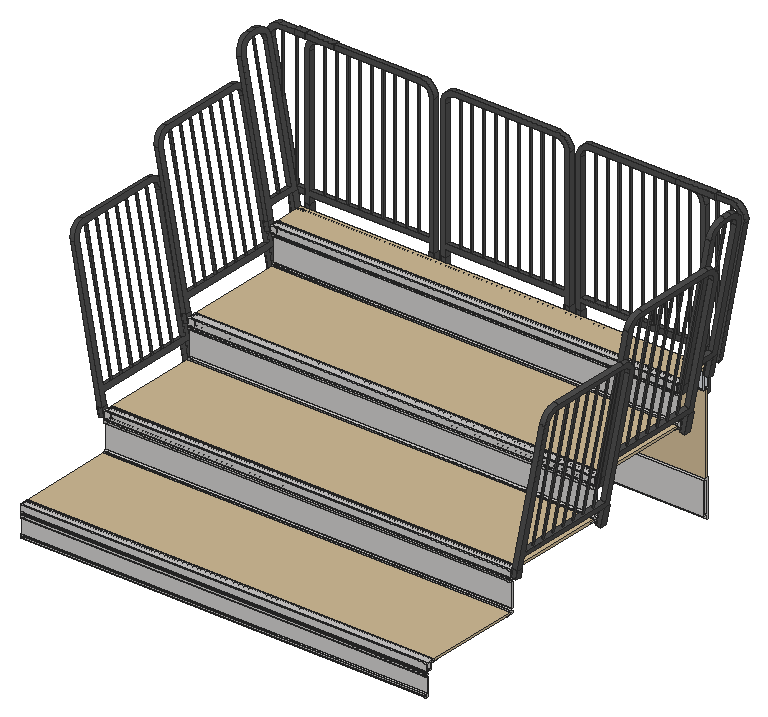
Revit family "Bleacher-Telescopic-Hussey-MAXAM_Plus-Portable-Simplified", category Specialty Equipment, Revit 2024 (continued)
Definition of nested family "Metro Chair-Single Row Array-Simplified"
  Definition of nested family "Metro Chair-Simplified"
    Automatic sketch dimensions
      curve 39 to plane 26 "2D Armrest - Back" = 0' - 0.43363"
      curve 6 to curve 39 = 0' - 0.00085"
      curve 2 to plane 26 "2D Armrest - Back" = 0' - 0.42975"
      curve 163 to plane 26 "2D Armrest - Back" = 0' - 0.42946"
      curve 21 to curve 5 = 0' - 0.00088"
      curve 4 to curve 2 = 0' - 0.01303"
      curve 5 to curve 4 = 0' - 0"
      curve 41 to curve 2 = 0' - 0.02986"
      curve 20 to curve 22 = 0' - 0.03735"
      curve 41 to curve 41 = 0' - 0.00937"
      curve 7 to curve 6 = 0' - 0.05712"
      curve 7 to curve 6 = 0' - 0.02126"
      curve 39 to plane 26 "2D Armrest - Back" = 0' - 0.33399"
      curve 9 to curve 7 = 0' - 0.02294"
      curve 19 to curve 20 = 0' - 0.0748"
      curve 10 to curve 8 = 0' - 0.02245"
      curve 11 to curve 9 = 0' - 0.01989"
      curve 11 to curve 10 = 0' - 0.01891"
      curve 12 to curve 11 = 0' - 0.01729"
      curve 13 to curve 12 = 0' - 0.01477"
      curve 15 to curve 13 = 0' - 0.01104"
      curve 19 to curve 19 = 0' - 0.09499"
      curve 90 to plane 26 "2D Armrest - Back" = 0' - 0.21411"
      curve 3 to plane 26 "2D Armrest - Back" = 0' - 0.13196"
      curve 4 to curve 3 = 0' - 0"
      curve 17 to plane 26 "2D Armrest - Back" = 0' - 0.07157"
      curve 16 to curve 17 = 0' - 0.00649"
      curve 15 to curve 16 = 0' - 0.00285"
      curve 37 to plane 26 "2D Armrest - Back" = 0' - 0.05487"
      curve 4 to plane 26 "2D Armrest - Back" = 0' - 0.02678"
      plane 26 "2D Armrest - Back" to curve 164 = 0' - 0.0265"
      plane 26 "2D Armrest - Back" to curve 36 = 0' - 0.13823"
      curve 34 to curve 35 = 0' - 0.22028"
      plane 26 "2D Armrest - Back" to curve 78 = 0' - 0.5385"
      curve 33 to curve 34 = 0' - 0.2399"
      curve 33 to curve 33 = 0' - 0.25134"
      plane 26 "2D Armrest - Back" to curve 156 = 0' - 0.855"
      plane 26 "2D Armrest - Back" to curve 39 = 0' - 0.93635"
      plane 26 "2D Armrest - Back" to curve 5 = 0' - 0.94809"
      curve 32 to curve 32 = 0' - 0.25424"
      curve 90 to curve 57 = 0' - 0.25258"
      curve 163 to curve 39 = 0' - 0.17798"
      curve 164 to curve 163 = 0' - 0"
      curve 91 to curve 90 = 0' - 0.01991"
      curve 55 to curve 157 = 0' - 0.00174"
      curve 42 to curve 163 = 0' - 0.02104"
      curve 55 to curve 55 = 0' - 0.11189"
      curve 31 to curve 31 = 0' - 0.24854"
      plane 7 "Host Level Offset Top" to curve 62 = 0' - 0.43561"
      plane 26 "2D Armrest - Back" to curve 62 = 0' - 1.3675"
      curve 53 to curve 54 = 0' - 0.26099"
      curve 29 to curve 30 = 0' - 0.23443"
      curve 52 to curve 54 = 0' - 0.16363"
      curve 53 to curve 54 = 0' - 0.29673"
      curve 29 to curve 29 = 0' - 0.21235"
      curve 80 to curve 52 = 0' - 0.33004"
      curve 80 to curve 80 = 0' - 0.00385"
      curve 28 to curve 28 = 0' - 0.30242"
      curve 80 to curve 80 = 0' - 0.20005"
      plane 26 "2D Armrest - Back" to curve 58 = 0' - 2.22497"
      curve 52 to curve 53 = 0' - 0.70545"
      curve 163 to curve 27 = 0' - 0.2719"
      curve 89 to curve 163 = 0' - 0"
      curve 81 to plane 7 "Host Level Offset Top" = 0' - 2.25832"
      curve 81 to curve 52 = 0' - 0.00648"
      curve 27 to curve 163 = 0' - 0.03033"
      curve 70 to curve 53 = 0' - 0.6365"
      curve 71 to curve 70 = 0' - 0"
      curve 69 to curve 80 = 0' - 0.25212"
      curve 70 to curve 69 = 0' - 0"
      curve 72 to curve 71 = 0' - 0.02189"
      curve 71 to curve 72 = 0' - 0"
      curve 68 to curve 69 = 0' - 0.0817"
      curve 69 to curve 68 = 0' - 0"
      curve 71 to curve 71 = 0' - 0.11708"
      curve 72 to curve 71 = 0' - 0 13/128"
      curve 63 to curve 69 = 0' - 0.1247"
      curve 25 to curve 26 = 0' - 0.30203"
      curve 72 to curve 71 = 0' - 0.15611"
      curve 67 to curve 63 = 0' - 0.07171"
      curve 69 to curve 68 = 0' - 0.23778"
      plane 26 "2D Armrest - Back" to curve 164 = 0' - 3.06065"
      plane 7 "Host Level Offset Top" to curve 78 = 0' - 0.79014"
      curve 78 to curve 63 = 0' - 0.82446"
      curve 68 to curve 72 = 0' - 1.22774"
      curve 58 to curve 58 = 0' - 1.7577"
      curve 58 to curve 58 = 0' - 0.07468"
      curve 59 to curve 58 = 0' - 0"
      curve 89 to curve 58 = 0' - 0"  (x2)
      curve 78 to curve 78 = 0' - 0.59893"
      curve 158 to curve 89 = 0' - 0.0615"
      curve 64 to curve 68 = 0' - 0.29448"
      curve 62 to curve 64 = 0' - 0.02752"
      curve 63 to curve 62 = 0' - 0"
      curve 66 to plane 7 "Host Level Offset Top" = 0' - 0.31451"
      curve 66 to curve 78 = 0' - 0.72907"
      curve 67 to curve 66 = 0' - 0"
      curve 137 to curve 164 = 0' - 1.17809"
      curve 66 to curve 67 = 0' - 0.06389"
      curve 48 to curve 25 = 0' - 1.63088"
      curve 158 to curve 48 = 0' - 0"
      curve 99 to plane 7 "Host Level Offset Top" = 0' - 0.32318"
      curve 99 to curve 67 = 0' - 0.1498"
      curve 48 to curve 158 = 0' - 0.02887"
      curve 166 to curve 48 = 0' - 0"
      curve 63 to curve 62 = 0' - 0.18742"
      curve 93 to curve 78 = 0' - 0.32885"
      curve 101 to plane 7 "Host Level Offset Top" = 0' - 0.39556"
      curve 61 to curve 63 = 0' - 0.06604"
      curve 64 to curve 61 = 0' - 0.01623"
      curve 65 to curve 64 = 0' - 0"
      curve 65 to curve 101 = 0' - 0.03202"
      curve 66 to curve 65 = 0' - 0"
      curve 88 to plane 7 "Host Level Offset Top" = 0' - 2.44628"
      curve 88 to curve 65 = 0' - 0.00823"
      curve 92 to curve 78 = 0' - 0.40904"
      curve 47 to curve 164 = 0' - 1.46411"
      curve 166 to curve 47 = 0' - 0"
      curve 61 to curve 64 = 0' - 0.14339"
      curve 82 to plane 7 "Host Level Offset Top" = 0' - 1.29242"
      curve 87 to plane 7 "Host Level Offset Top" = 0' - 1.4534"
      curve 93 to curve 92 = 0' - 0.16256"
      curve 83 to curve 82 = 0' - 0.05884"
      curve 112 to curve 92 = 0' - 0.13429"
      curve 60 to plane 7 "Host Level Offset Top" = 0' - 2.58206"
      curve 60 to curve 61 = 0' - 0.10332"
      curve 93 to curve 92 = 0' - 0.23493"
      plane 7 "Host Level Offset Top" to curve 100 = 0' - 0.62961"
      curve 100 to curve 94 = 0' - 0.09521"
      curve 98 to curve 100 = 0' - 0.03629"
      curve 86 to curve 87 = 0' - 0.15883"
      curve 83 to curve 86 = 0' - 0.01488"
      plane 7 "Host Level Offset Top" to curve 101 = 0' - 0 155/256"
      curve 101 to curve 100 = 0' - 0.07495"
      curve 98 to curve 98 = 0' - 0.07485"
      curve 98 to curve 98 = 0' - 0.02413"
      curve 83 to curve 82 = 0' - 0.156"
      curve 86 to curve 86 = 0' - 0.19966"
      curve 143 to curve 158 = 0' - 0.82017"
      curve 161 to curve 143 = 0' - 0.03769"
      curve 49 to curve 161 = 0' - 0.14321"
      curve 95 to curve 94 = 0' - 0.5613"
      plane 7 "Host Level Offset Top" to curve 96 = 0' - 0.67221"
      curve 96 to curve 98 = 0' - 0.37473"
      curve 95 to curve 94 = 0' - 0.07241"
      curve 137 to curve 49 = 0' - 0.13468"
      curve 43 to curve 161 = 0' - 0.38511"
      curve 49 to curve 43 = 0' - 0"
      curve 86 to curve 86 = 0' - 0.46645"
      curve 85 to curve 86 = 0' - 0"
      curve 84 to curve 61 = 0' - 0 97/128"
      plane 7 "Host Level Offset Top" to curve 97 = 0' - 0.59992"
      curve 97 to curve 96 = 0' - 0.22453"
      curve 59 to curve 84 = 0' - 0.01633"
      curve 95 to curve 95 = 0' - 0.22491"
      curve 84 to curve 84 = 0' - 0.041"
      curve 85 to curve 84 = 0' - 0 1/16"
      curve 84 to curve 85 = 0' - 0"
      curve 47 to curve 137 = 0' - 1.26275"
      curve 50 to curve 47 = 0' - 0"
      curve 67 to curve 137 = 0' - 0.30721"
      curve 25 to curve 48 = 0' - 1.30621"
      curve 50 to curve 50 = 0' - 0.21068"
      curve 46 to curve 50 = 0' - 0.09855"
      plane 7 "Host Level Offset Top" to curve 96 = 0' - 2.90605"
      curve 51 to curve 50 = 0' - 0.34523"
      curve 165 to curve 24 = 0' - 0.39092"
      curve 75 to curve 165 = 0' - 0"
      curve 44 to curve 47 = 0' - 1.54354"
      curve 165 to curve 44 = 0' - 0"
      level to curve 77 = 0' - 5.00581"
      curve 75 to curve 24 = 0' - 0.5061"
      curve 43 to curve 75 = 0' - 0"
      curve 46 to curve 51 = 0' - 0.14782"
      curve 45 to curve 51 = 0' - 0.293"
      curve 44 to curve 45 = 0' - 0"
      curve 102 to plane 27 "2D Armrest - Front" = 0' - 3.86174"
      curve 51 to curve 44 = 0' - 0.05491"
      curve 45 to curve 51 = 0' - 0"
      curve 24 to curve 75 = 0' - 1.13647"
      curve 136 to curve 42 = 0' - 0.86248"
      curve 73 to curve 136 = 0' - 0.00009"
      curve 24 to plane 27 "2D Armrest - Front" = 0' - 2.10928"
      curve 45 to curve 136 = 0' - 0.92052"
      curve 76 to curve 45 = 0' - 0.02594"
      curve 3 to curve 76 = 0' - 0"
      curve 74 to curve 45 = 0' - 0.11091"
      curve 76 to curve 74 = 0' - 0.0199"
      curve 74 to curve 74 = 0' - 0.11847"
      curve 130 to curve 74 = 0' - 0.00426"
      curve 130 to curve 23 = 0' - 0.19054"
      curve 131 to curve 3 = 0' - 0.41781"
      curve 40 to curve 76 = 0' - 0.40558"
      curve 40 to curve 40 = 0' - 0.00938"
      curve 74 to curve 74 = 0' - 0.48174"
      curve 136 to curve 74 = 0' - 0"
      curve 76 to curve 40 = 0' - 0.06507"
      curve 73 to curve 2 = 0' - 0.0231"
      curve 160 to plane 27 "2D Armrest - Front" = 0' - 0.6397"
      curve 136 to curve 131 = 0' - 0.00496"
      curve 134 to curve 73 = 0' - 0.22758"
      curve 130 to plane 27 "2D Armrest - Front" = 0' - 0.33111"
      curve 161 to plane 27 "2D Armrest - Front" = 0' - 0.09808"
      curve 135 to plane 27 "2D Armrest - Front" = 0' - 0.08963"
      plane 27 "2D Armrest - Front" to curve 131 = 0' - 0.00515"
      plane 27 "2D Armrest - Front" to curve 162 = 0' - 0.05514"
      plane 27 "2D Armrest - Front" to curve 129 = 0' - 0.15185"
      plane 27 "2D Armrest - Front" to curve 160 = 0' - 0.20836"
      curve 162 to curve 160 = 0' - 0"
      plane 27 "2D Armrest - Front" to curve 129 = 0' - 0 9/32"
      plane 27 "2D Armrest - Front" to curve 143 = 0' - 0.30279"
      curve 142 to curve 143 = 0' - 0"
      plane 27 "2D Armrest - Front" to curve 133 = 0' - 0.66488"
      curve 47 to curve 129 = 0' - 0.58883"
      curve 132 to curve 47 = 0' - 0.29753"
      curve 44 to curve 132 = 0' - 0.09752"
      plane 27 "2D Armrest - Front" to curve 159 = 0' - 1.59528"
      curve 146 to curve 159 = 0' - 0.04945"
      curve 159 to curve 159 = 0' - 0.09355"
      curve 160 to curve 159 = 0' - 0"
      curve 127 to curve 44 = 0' - 1.78449"
      curve 133 to curve 127 = 0' - 0.03"
      curve 127 to curve 127 = 0' - 0.12941"
      curve 141 to curve 160 = 0' - 1.74489"
      curve 142 to curve 141 = 0' - 0"
      curve 126 to curve 127 = 0' - 0.48297"
      curve 146 to curve 141 = 0' - 1.44211"
      curve 138 to curve 146 = 0' - 0"
      curve 141 to plane 7 "Host Level Offset Top" = 0' - 2.95234"
      curve 141 to curve 146 = 0' - 0.78875"
      curve 138 to curve 138 = 0' - 1.55688"
      curve 139 to curve 138 = 0' - 0"
      curve 145 to curve 138 = 0' - 0.14966"
      curve 139 to curve 138 = 0' - 0.15823"
      curve 145 to curve 139 = 0' - 0"
      curve 139 to curve 139 = 0' - 0.06343"
      curve 144 to curve 145 = 0' - 0.12496"
      curve 141 to curve 144 = 0' - 0.04062"
      curve 144 to curve 141 = 0' - 0"
      curve 138 to curve 141 = 0' - 1.20309"
      curve 144 to curve 144 = 0' - 0 1/4"
      curve 140 to curve 145 = 0' - 0 3/8"
      plane 27 "2D Armrest - Front" to curve 42 = 0' - 7.46407"
      curve 166 to curve 141 = 0' - 2.59762"
      plane 27 "2D Armrest - Front" to curve 148 = 1' - 1.67673"
      curve 146 to plane 6 "Host Level Offset Bottom" = 0' - 2.52375"
      curve 146 to curve 42 = 0' - 7.86841"
      curve 165 to curve 166 = 0' - 10.58764"
      curve 75 to curve 165 = 0' - 4.48505"
      plane 27 "2D Armrest - Front" to curve 142 = 2' - 1.49874"
      plane 27 "2D Armrest - Front" to curve 22 = 2' - 8.12853"
      curve 2 to curve 22 = 0' - 0.00037"
      curve 3 to curve 2 = 0' - 0.01779"
      curve 48 to plane 7 "Host Level Offset Top" = 0' - 11.28697"
      curve 48 to curve 75 = 2' - 11.60752"
      plane 5 "Front" to curve 120 = 0' - 0 1/16"
      curve 148 to plane 14 "Attachment to Riser" = 0' - 0.24601"
      curve 149 to curve 148 = 0' - 0"
      curve 119 to plane 14 "Attachment to Riser" = 0' - 0 1/16"
      curve 122 to plane 14 "Attachment to Riser" = 0' - 0 1/16"
      plane 14 "Attachment to Riser" to curve 143 = 0' - 0.30921"
      plane 14 "Attachment to Riser" to curve 154 = 0' - 1.3076"
      curve 155 to curve 154 = 0' - 0"
      plane 14 "Attachment to Riser" to curve 149 = 0' - 1.36844"
      curve 150 to curve 149 = 0' - 0"
      plane 14 "Attachment to Riser" to curve 85 = 0' - 1.60613"
      curve 149 to curve 151 = 0' - 0.79141"
      curve 150 to curve 151 = 0' - 0.11422"
      curve 150 to curve 151 = 0' - 0.25229"
      curve 151 to curve 152 = 0' - 0"  (x2)
      curve 151 to curve 153 = 0' - 0.18272"
      curve 152 to curve 152 = 0' - 0.1839"
      curve 153 to curve 153 = 0' - 0.28476"
      curve 154 to curve 150 = 0' - 0.40406"
      plane 14 "Attachment to Riser" to curve 49 = 0' - 3.57393"
      curve 150 to curve 149 = 0' - 3.59015"
      curve 49 to curve 43 = 0' - 3.44678"
      curve 149 to curve 154 = 0' - 0.97606"
      curve 43 to curve 90 = 0' - 1.0578"
      curve 89 to plane 7 "Host Level Offset Top" = 0' - 2.16194"
      curve 90 to curve 89 = 0' - 0.32978"
      curve 43 to curve 147 = 0' - 1.5269"
      curve 158 to plane 7 "Host Level Offset Top" = 1' - 0.63033"
      curve 147 to curve 158 = 1' - 7.96726"
      plane 6 "Host Level Offset Bottom" to curve 155 = 0' - 3.27369"
      curve 158 to curve 155 = 3' - 7.00623"
      curve 57 to plane 6 "Host Level Offset Bottom" = 1' - 1.14626"
      curve 155 to curve 57 = 4' - 1.77768"
      curve 2 to curve 22 = 0' - 0.0022"
      curve 3 to curve 2 = 0' - 0.10215"
      curve 42 to plane 6 "Host Level Offset Bottom" = 0' - 11.46716"
      curve 105 to curve 105 = 0' - 0.4867"
      curve 105 to curve 107 = 0' - 0.26152"
      curve 107 to curve 116 = 0' - 0.56797"
      curve 115 to curve 121 = 0' - 0 1/16"
      curve 119 to curve 118 = 0' - 0 15/16"
      curve 108 to curve 111 = 0' - 1 5/8"
      curve 109 to curve 124 = 0' - 0 5/8"
      curve 111 to curve 111 = 0' - 0 1/4"
      curve 123 to curve 123 = 0' - 0 15/16"
      curve 121 to curve 115 = 0' - 0 1/16"
      curve 92 to curve 93 = 0' - 0.76296"
      curve 92 to curve 93 = 0' - 0.02469"
      curve 95 to curve 95 = 0' - 0.07242"
      curve 83 to curve 83 = 0' - 0.06624"
      curve 87 to curve 87 = 0' - 0.07406"
      curve 79 to curve 70 = 0' - 0.1136"
      curve 80 to curve 80 = 0' - 0.13095"
      curve 52 to curve 52 = 0' - 0.32896"
      curve 53 to curve 53 = 0' - 0.17986"
      curve 53 to curve 54 = 0' - 0.97126"
      curve 56 to curve 157 = 0' - 0.08073"
      curve 90 to curve 57 = 0' - 0.05599"
      curve 49 to curve 161 = 0' - 0.00445"
      curve 89 to curve 90 = 0' - 4.05224"
      curve 147 to curve 43 = 0' - 1.70385"
      curve 33 to curve 90 = 0' - 0.61468"
      curve 32 to curve 32 = 0' - 0.00764"
      curve 32 to curve 34 = 0' - 0 5/128"
      curve 31 to curve 30 = 0' - 0.05408"
      curve 33 to curve 35 = 0' - 0.08453"
      curve 30 to curve 29 = 0' - 0.0987"
      curve 34 to curve 36 = 0' - 0.12718"
      curve 29 to curve 28 = 0' - 0.14002"
      curve 37 to curve 90 = 0' - 0.19834"
      curve 28 to curve 163 = 0' - 0.181"
      curve 163 to curve 26 = 0' - 0.06167"
      curve 37 to curve 39 = 0' - 0.22434"
      curve 39 to curve 164 = 0' - 0.43076"
      curve 39 to curve 6 = 0' - 0.00784"
      curve 6 to curve 6 = 0' - 0.32494"
      curve 6 to curve 7 = 0' - 0.09717"
      curve 7 to curve 8 = 0' - 0.1049"
      curve 8 to curve 10 = 0' - 0.105"
      curve 9 to curve 10 = 0' - 0.09644"
      curve 10 to curve 12 = 0' - 0.09664"
      curve 11 to curve 13 = 0' - 0.09694"
      curve 12 to curve 13 = 0' - 0.09736"
      curve 13 to curve 14 = 0' - 0.09785"
      curve 147 to curve 16 = 0' - 0.1063"
      curve 15 to curve 17 = 0' - 0.06187"
      curve 14 to curve 19 = 0' - 0.10984"
      curve 141 to curve 166 = 0' - 4.29751"
      curve 19 to curve 18 = 0' - 0.01892"
      curve 16 to curve 18 = 0' - 0.06159"
      curve 20 to curve 2 = 0' - 0.19131"
      curve 21 to curve 5 = 0' - 0.04047"
      curve 130 to curve 76 = 0' - 1.68887"
      curve 130 to curve 47 = 0' - 0.17122"
      curve 47 to curve 128 = 0' - 0.11811"
      curve 128 to curve 135 = 0' - 0.35355"
      curve 135 to curve 135 = 0' - 0.0647"
      curve 74 to curve 130 = 0' - 0.00097"
      curve 47 to curve 128 = 0' - 0.89457"
      curve 47 to curve 132 = 0' - 1.07138"
      curve 132 to curve 44 = 0' - 0.06826"
      curve 127 to curve 127 = 0' - 0.48297"
      curve 73 to curve 136 = 0' - 0.00048"
      curve 73 to curve 134 = 0' - 0.07164"
      curve 153 to curve 153 = 0' - 0.13457"
      curve 153 to curve 151 = 0' - 0.08911"
    Nested families (in)
      nested 1: "Metro Chair-2D Plan" at (-109.5, -12, 17), type "Metro Chair-2D Plan"
    Definition of nested family "Metro Chair-2D Plan"
      Parameters
        Default Elevation = 0' - 0"
        Created By = "Revitus"  # constant formula
        Creator URL = "http://www.revituspro.com/"
      Reference planes (in)
        plane 1 "Center (Front/Back)": y = 0
        plane 2: z = 0
        plane 3 "Center (Left/Right)": x = 0
      Lines and regions (in)
        Masking region 1
          outline origin (109.57707, 11.99477, 0) x (1, 0, 0) y (0, 1, 0)
            loop
              arc (-114.44926, -8.83618) -> (-115.08126, -8.94929) -> (-115.70753, -9.0907) r 14.27785
              arc (-115.70753, -9.0907) -> (-116.20556, -9.23429) -> (-116.68883, -9.42164) r 5.81636
              arc (-116.68883, -9.42164) -> (-117.011, -9.59758) -> (-117.29313, -9.83243) r 1.89191
              arc (-117.29313, -9.83243) -> (-117.46059, -10.07738) -> (-117.54238, -10.36259) r 0.93009
              arc (-117.54238, -10.36259) -> (-117.55749, -10.5444) -> (-117.57095, -10.72635) r 20.12699
              arc (-117.57095, -10.72635) -> (-117.64499, -12.08845) -> (-117.89752, -13.42899) r 10.34978
              arc (-117.89752, -13.42899) -> (-117.97658, -13.7437) -> (-118.05726, -14.05799) r 63.50731
              line (-118.05726, -14.05799) -> (-118.08112, -14.15075)
              arc (-118.08112, -14.15075) -> (-118.14175, -14.38729) -> (-118.20133, -14.6241) r 54.94124
              arc (-118.20133, -14.6241) -> (-118.26569, -14.90445) -> (-118.31945, -15.18701) r 7.64437
              arc (-118.31945, -15.18701) -> (-118.40719, -15.84832) -> (-118.46583, -16.51284) r 15.2029
              line (-118.46583, -16.51284) -> (-118.4805, -16.69575) -> (-118.50241, -16.95935) -> (-118.53395, -17.335)
              arc (-118.53395, -17.335) -> (-118.457, -17.48387) -> (-118.30054, -17.54391) r 0.23557
              line (-118.30054, -17.54391) -> (-117.18551, -17.53971)
              arc (-117.18551, -17.53971) -> (-117.00993, -17.46042) -> (-116.94956, -17.27747) r 0.23949
              arc (-116.94956, -17.27747) -> (-116.95084, -17.04557) -> (-116.94811, -16.81367) r 13.38597
              arc (-116.94811, -16.81367) -> (-116.90069, -16.27266) -> (-116.81229, -15.73681) r 7.14097
              arc (-116.81229, -15.73681) -> (-116.66021, -15.11684) -> (-116.44157, -14.51709) r 5.85858
              arc (-116.44157, -14.51709) -> (-116.36868, -14.35986) -> (-116.28861, -14.20616) r 3.75283
              arc (-116.28861, -14.20616) -> (-116.00556, -14.05744) -> (-115.70156, -13.95837) r 1.89664
              arc (-115.70156, -13.95837) -> (-115.42559, -13.88799) -> (-115.1478, -13.82518) r 10.42316
              arc (-115.1478, -13.82518) -> (-114.81268, -13.75676) -> (-114.47641, -13.69417) r 19.68683
              arc (-114.47641, -13.69417) -> (-114.06818, -13.62437) -> (-113.65908, -13.55986) r 31.98673
              arc (-113.65908, -13.55986) -> (-113.11985, -13.48242) -> (-112.57949, -13.4133) r 35.32242
              arc (-112.57949, -13.4133) -> (-111.80159, -13.32905) -> (-111.02176, -13.26518) r 29.90804
              arc (-111.02176, -13.26518) -> (-110.29984, -13.2277) -> (-109.57707, -13.21444) r 21.56131
              arc (-109.57707, -13.21444) -> (-108.8543, -13.2277) -> (-108.13238, -13.26518) r 21.56131
              arc (-108.13238, -13.26518) -> (-107.35254, -13.32905) -> (-106.57464, -13.4133) r 29.90804
              arc (-106.57464, -13.4133) -> (-106.03429, -13.48242) -> (-105.49506, -13.55986) r 35.32242
              arc (-105.49506, -13.55986) -> (-105.08596, -13.62437) -> (-104.67772, -13.69417) r 31.98673
              arc (-104.67772, -13.69417) -> (-104.34146, -13.75676) -> (-104.00633, -13.82518) r 19.68683
              arc (-104.00633, -13.82518) -> (-103.72854, -13.88799) -> (-103.45258, -13.95837) r 10.42316
              arc (-103.45258, -13.95837) -> (-103.14857, -14.05744) -> (-102.86553, -14.20616) r 1.89664
              arc (-102.86553, -14.20616) -> (-102.78546, -14.35986) -> (-102.71256, -14.51709) r 3.75283
              arc (-102.71256, -14.51709) -> (-102.49393, -15.11684) -> (-102.34184, -15.73681) r 5.85858
              arc (-102.34184, -15.73681) -> (-102.25344, -16.27266) -> (-102.20603, -16.81367) r 7.14097
              arc (-102.20603, -16.81367) -> (-102.20329, -17.04557) -> (-102.20457, -17.27747) r 13.38597
              arc (-102.20457, -17.27747) -> (-102.1442, -17.46042) -> (-101.96863, -17.53971) r 0.23949
              line (-101.96863, -17.53971) -> (-100.8536, -17.54391)
              arc (-100.8536, -17.54391) -> (-100.69714, -17.48387) -> (-100.62018, -17.335) r 0.23557
              line (-100.62018, -17.335) -> (-100.65173, -16.95935) -> (-100.67363, -16.69575) -> (-100.6883, -16.51284)
              arc (-100.6883, -16.51284) -> (-100.74694, -15.84832) -> (-100.83468, -15.18701) r 15.2029
              arc (-100.83468, -15.18701) -> (-100.88845, -14.90445) -> (-100.95281, -14.6241) r 7.64437
              arc (-100.95281, -14.6241) -> (-101.01238, -14.38729) -> (-101.07301, -14.15075) r 54.94124
              line (-101.07301, -14.15075) -> (-101.09687, -14.05799)
              arc (-101.09687, -14.05799) -> (-101.17755, -13.7437) -> (-101.25662, -13.42899) r 63.50731
              arc (-101.25662, -13.42899) -> (-101.50915, -12.08845) -> (-101.58318, -10.72635) r 10.34978
              arc (-101.58318, -10.72635) -> (-101.59664, -10.5444) -> (-101.61175, -10.36259) r 20.12699
              arc (-101.61175, -10.36259) -> (-101.69355, -10.07738) -> (-101.861, -9.83243) r 0.93009
              arc (-101.861, -9.83243) -> (-102.14313, -9.59758) -> (-102.4653, -9.42164) r 1.89191
              arc (-102.4653, -9.42164) -> (-102.94857, -9.23429) -> (-103.4466, -9.0907) r 5.81636
              arc (-103.4466, -9.0907) -> (-104.07288, -8.94929) -> (-104.70487, -8.83618) r 14.27785
              arc (-104.70487, -8.83618) -> (-105.42099, -8.73397) -> (-106.13987, -8.65342) r 23.97251
              arc (-106.13987, -8.65342) -> (-106.95432, -8.58448) -> (-107.77027, -8.53637) r 31.99767
              arc (-107.77027, -8.53637) -> (-108.67343, -8.50495) -> (-109.57707, -8.49477) r 38.43776
              arc (-109.57707, -8.49477) -> (-110.48071, -8.50495) -> (-111.38386, -8.53637) r 38.43776
              arc (-111.38386, -8.53637) -> (-112.19981, -8.58448) -> (-113.01427, -8.65342) r 31.99767
              arc (-113.01427, -8.65342) -> (-113.73314, -8.73397) -> (-114.44926, -8.83618) r 23.97251
            loop
              arc (-109.57707, -14.03505) -> (-112.00982, -14.13419) -> (-114.43848, -14.30649) r 80.89249
              arc (-114.43848, -14.30649) -> (-114.78323, -14.35257) -> (-115.12523, -14.4159) r 6.92664
              arc (-115.12523, -14.4159) -> (-115.74074, -14.72617) -> (-116.14273, -15.2861) r 1.4462
              arc (-116.14273, -15.2861) -> (-116.21214, -15.58271) -> (-116.25854, -15.88377) r 3.9602
              arc (-116.25854, -15.88377) -> (-116.31031, -16.70559) -> (-116.32416, -17.52892) r 17.86323
              arc (-116.32416, -17.52892) -> (-116.33953, -17.85271) -> (-116.36909, -18.17552) r 7.39074
              arc (-116.36909, -18.17552) -> (-116.49609, -18.69425) -> (-116.71446, -19.18161) r 2.9527
              arc (-116.71446, -19.18161) -> (-117.10122, -19.91263) -> (-117.25753, -20.72475) r 2.79982
              arc (-117.25753, -20.72475) -> (-117.22822, -21.15131) -> (-117.20422, -21.5782) r 34.37689
              arc (-117.20422, -21.5782) -> (-117.11629, -21.80862) -> (-116.95159, -21.99218) r 0.67622
              arc (-116.95159, -21.99218) -> (-116.37688, -22.30061) -> (-115.75605, -22.5006) r 3.60984
              arc (-115.75605, -22.5006) -> (-112.68598, -23.01834) -> (-109.57707, -23.18583) r 27.50676
              arc (-109.57707, -23.18583) -> (-106.46816, -23.01834) -> (-103.39809, -22.5006) r 27.50676
              arc (-103.39809, -22.5006) -> (-102.77726, -22.30061) -> (-102.20255, -21.99218) r 3.60984
              arc (-102.20255, -21.99218) -> (-102.03784, -21.80862) -> (-101.94991, -21.5782) r 0.67622
              arc (-101.94991, -21.5782) -> (-101.92591, -21.15131) -> (-101.8966, -20.72475) r 34.37689
              arc (-101.8966, -20.72475) -> (-102.05292, -19.91263) -> (-102.43967, -19.18161) r 2.79982
              arc (-102.43967, -19.18161) -> (-102.65804, -18.69425) -> (-102.78505, -18.17552) r 2.9527
              arc (-102.78505, -18.17552) -> (-102.8146, -17.85271) -> (-102.82998, -17.52892) r 7.39074
              arc (-102.82998, -17.52892) -> (-102.84382, -16.70559) -> (-102.89559, -15.88377) r 17.86323
              arc (-102.89559, -15.88377) -> (-102.942, -15.58271) -> (-103.0114, -15.2861) r 3.9602
              arc (-103.0114, -15.2861) -> (-103.41339, -14.72617) -> (-104.0289, -14.4159) r 1.4462
              arc (-104.0289, -14.4159) -> (-104.37091, -14.35257) -> (-104.71566, -14.30649) r 6.92664
              arc (-104.71566, -14.30649) -> (-107.14432, -14.13419) -> (-109.57707, -14.03505) r 80.89249
      Dimensions and locks (in)
        aligned and locked: level to plane 2
  Definition of nested family "Metro Chair-Folded-Simplified"
    Parameters
      URL = "http://www.husseyseating.com/"
      Stanchion Color = none
      Show Metro Chair = yes
      Show Cup Holders = yes
      Show Arms = yes
      Seat Width = 1' - 9"
      Seat Color = none
      Seat Back Color = none
      No Arms = not(Show Arms)  # no
      Model = "Metro Chair"
      Manufacturer = "Hussey Seating Company"  # constant formula
      Default Elevation = 0' - 0"
      Created By = "Revitus"  # constant formula
      Creator URL = "http://www.revituspro.com/"
      Assembly Code = ""
    Reference planes (in)
      plane 1: z = 0
      plane 2 "Center (Left/Right)": x = -109.5
      plane 3 "Left": x = -120
      plane 4 "Right": x = -99
      plane 5 "Front": y = -12
      plane 6 "Host Level Offset Bottom": z = -8
      plane 7 "Host Level Offset Top": z = 8
      plane 8: x = -100.1875
      plane 9: x = -97.8125
      plane 10: x = -118.8125
      plane 11: x = -121.1875
      plane 12 "Seat - Right": x = -101
      plane 13 "Seat - Left": x = -118
      plane 14: x = -98.0625
      plane 15: x = -99.9375
      plane 16: x = -120.9375
      plane 17: x = -119.0625
      plane 18: x = -99.5
      plane 19: x = -98.5
      plane 20: x = -119.5
      plane 21: x = -120.5
      plane 22: x = -102.5
      plane 23: x = -116.5
      plane 24 "Attachment to Riser": y = -10.625
      plane 25: y = -13.36174
      plane 26: y = -23.61174
    Lines and regions (in)
      Masking region 1, visible <- "Show Arms"
        outline origin (0, 0, 8) x (0, -1, 0) y (1, 0, 0)
          loop
            arc (23.61174, -119.8125) -> (23.31885, -119.10539) -> (22.61174, -118.8125) r 1
            line (22.61174, -118.8125) -> (14.36174, -118.8125)
            arc (14.36174, -118.8125) -> (13.65463, -119.10539) -> (13.36174, -119.8125) r 1
            line (13.36174, -119.8125) -> (13.36174, -120.1875)
            arc (13.36174, -120.1875) -> (13.65463, -120.89461) -> (14.36174, -121.1875) r 1
            line (14.36174, -121.1875) -> (22.61174, -121.1875)
            arc (22.61174, -121.1875) -> (23.31885, -120.89461) -> (23.61174, -120.1875) r 1
            line (23.61174, -120.1875) -> (23.61174, -119.8125)
      Masking region 2, visible <- "Show Arms"
        outline origin (0, 0, 8) x (0, -1, 0) y (1, 0, 0)
          loop
            line (13.36174, -98.8125) -> (13.36174, -99.1875)
            arc (13.36174, -99.1875) -> (13.65463, -99.89461) -> (14.36174, -100.1875) r 1
            line (14.36174, -100.1875) -> (22.61174, -100.1875)
            arc (22.61174, -100.1875) -> (23.31885, -99.89461) -> (23.61174, -99.1875) r 1
            line (23.61174, -99.1875) -> (23.61174, -98.8125)
            arc (23.61174, -98.8125) -> (23.31885, -98.10539) -> (22.61174, -97.8125) r 1
            line (22.61174, -97.8125) -> (14.36174, -97.8125)
            arc (14.36174, -97.8125) -> (13.65463, -98.10539) -> (13.36174, -98.8125) r 1
      model lines, visible <- "Show Metro Chair"
        curve 1: line (-120, -6.06648, 0) -> (-99, -6.06648, 0)
      model lines
        curve 2: line (-109.5, -19.75, 4.93608) -> (-109.5, -19.75, 0.00008)
        curve 3: line (-109.5, -19.75, 0.00008) -> (-109.5, -12.90623, 0.00008)
        curve 4: arc (-109.5, -12.90623, 0.00008) -> (-109.5, -12.85068, 0.02309) -> (-109.5, -12.82767, 0.07865) r 0.07856
        curve 5: line (-109.5, -12.82767, 0.07865) -> (-109.5, -12.82767, 0.56535)
        curve 6: line (-109.5, -12.82767, 0.56535) -> (-109.5, -12.31448, 0.82687)
        curve 7: arc (-109.5, -12.31448, 0.82687) -> (-109.5, -12.2674, 0.8704) -> (-109.5, -12.25, 0.93211) r 0.11811
        curve 8: line (-109.5, -12.25, 0.93211) -> (-109.5, -12.25, 3.87508)
        curve 9: line (-109.5, -12.25, 3.87508) -> (-109.5, -12, 3.87508)
        curve 10: line (-109.5, -12, 5.25008) -> (-109.5, -12.25, 5.25008)
        curve 11: line (-109.5, -12.25, 5.25008) -> (-109.5, -12.25, 5.50008)
        curve 12: line (-109.5, -12.25, 5.50008) -> (-109.5, -17.9828, 5.50008)
        curve 13: line (-109.5, -17.9828, 5.50008) -> (-109.5, -19.75, 4.93608)
        curve 14: line (-109.5, -10.625, 5.50008) -> (-109.5, -12, 5.50008)
        curve 15: line (-109.5, -12, 5.50008) -> (-109.5, -12, 1.50008)
        curve 16: line (-109.5, -12, 1.50008) -> (-109.5, -10.625, 1.50008)
        curve 17: line (-109.5, -10.625, 1.50008) -> (-109.5, -10.625, 2.50008)
        curve 18: line (-109.5, -10.625, 2.50008) -> (-109.5, -10.6875, 2.50008)
        curve 19: line (-109.5, -10.6875, 2.50008) -> (-109.5, -10.6875, 1.56258)
        curve 20: line (-109.5, -10.6875, 1.56258) -> (-109.5, -11.9375, 1.56258)
        curve 21: line (-109.5, -11.9375, 1.56258) -> (-109.5, -11.9375, 5.43758)
        curve 22: line (-109.5, -11.9375, 5.43758) -> (-109.5, -10.6875, 5.43758)
        curve 23: line (-109.5, -10.6875, 5.43758) -> (-109.5, -10.6875, 4.50008)
        curve 24: line (-109.5, -10.6875, 4.50008) -> (-109.5, -10.625, 4.50008)
        curve 25: line (-109.5, -10.625, 4.50008) -> (-109.5, -10.625, 5.50008)
        curve 79: line (-109.5, -26.59825, 4.43914) -> (-109.5, -27.13896, 4.99906)
        curve 80: arc (-109.5, -27.13896, 4.99906) -> (-109.5, -27.24097, 5.06956) -> (-109.5, -27.36229, 5.09521) r 0.31496
        curve 81: line (-109.5, -27.36229, 5.09521) -> (-109.5, -28.36561, 5.02577)
        curve 82: line (-109.5, -28.36561, 5.02577) -> (-109.5, -29.34722, 4.80611)
        curve 83: line (-109.5, -29.34722, 4.80611) -> (-109.5, -29.42411, 4.78147)
        curve 84: arc (-109.5, -29.42411, 4.78147) -> (-109.5, -29.93232, 4.74956) -> (-109.5, -30.44065, 4.71964) r 129.75863
        curve 85: arc (-109.5, -32.16592, 0.81768) -> (-109.5, -32.08179, 0.80544) -> (-109.5, -31.99722, 0.79679) r 2
        curve 86: arc (-109.5, -31.99722, 0.79679) -> (-109.5, -29.12693, 0.81369) -> (-109.5, -26.30249, 1.32499) r 16.59303
        curve 87: line (-109.5, -26.30249, 1.32499) -> (-109.5, -25.91824, 2.27604)
        curve 88: arc (-109.5, -25.91824, 2.27604) -> (-109.5, -25.91094, 2.37102) -> (-109.5, -25.95973, 2.45283) r 0.15748
        curve 89: arc (-109.5, -27.59462, 3.73928) -> (-109.5, -27.00964, 3.10552) -> (-109.5, -26.31086, 2.59999) r 4.33877
        curve 90: arc (-109.5, -26.31086, 2.59999) -> (-109.5, -26.19651, 2.53763) -> (-109.5, -26.0789, 2.48164) r 2.37018
        curve 91: arc (-109.5, -26.0789, 2.48164) -> (-109.5, -25.98938, 2.45525) -> (-109.5, -25.89607, 2.45758) r 0.30062
        curve 92: arc (-109.5, -25.18928, 4.54897) -> (-109.5, -25.30621, 4.61616) -> (-109.5, -25.42776, 4.67458) r 1.83579
        curve 93: arc (-109.5, -25.42776, 4.67458) -> (-109.5, -25.5207, 4.69948) -> (-109.5, -25.61686, 4.69588) r 0.32285
        curve 94: arc (-109.5, -25.61686, 4.69588) -> (-109.5, -26.60289, 4.43758) -> (-109.5, -27.54384, 4.0457) r 7.36967
        curve 95: arc (-109.5, -27.54384, 4.0457) -> (-109.5, -27.56839, 4.02929) -> (-109.5, -27.58811, 4.00731) r 0.11811
        curve 96: arc (-109.5, -27.58811, 4.00731) -> (-109.5, -27.63145, 3.87427) -> (-109.5, -27.59462, 3.73928) r 0.2441
        curve 97: line (-109.5, -22.47081, 4.29826) -> (-109.5, -25.6554, 5.15676)
        curve 98: arc (-109.5, -25.6554, 5.15676) -> (-109.5, -25.78878, 5.15278) -> (-109.5, -25.89865, 5.07707) r 0.23588
        curve 99: line (-109.5, -25.89865, 5.07707) -> (-109.5, -26.34797, 4.51847)
        curve 100: line (-109.5, -24.72837, 2.78161) -> (-109.5, -24.58577, 2.6441)
        curve 101: arc (-109.5, -24.58577, 2.6441) -> (-109.5, -24.486, 2.57689) -> (-109.5, -24.36729, 2.55746) r 0.2815
        curve 102: arc (-109.5, -26.29439, 1.34505) -> (-109.5, -26.28155, 1.27838) -> (-109.5, -26.21548, 1.26276) r 0.0625
        curve 103: arc (-109.5, -26.21548, 1.26276) -> (-109.5, -25.5342, 1.53426) -> (-109.5, -24.87503, 1.85574) r 9.84252
        curve 104: arc (-109.5, -24.87503, 1.85574) -> (-109.5, -24.63109, 2.199) -> (-109.5, -24.75795, 2.60055) r 0.47244
        curve 105: line (-109.5, -24.75795, 2.60055) -> (-109.5, -24.87969, 2.72661)
        curve 106: line (-109.5, -25.84071, 2.46794) -> (-109.5, -25.91824, 2.27604)
        curve 107: arc (-109.5, -31.99722, 0.79679) -> (-109.5, -33.76648, 1.03627) -> (-109.5, -35.49977, 1.46446) r 16.59303
        curve 108: arc (-109.5, -30.30548, 4.49905) -> (-109.5, -33.06306, 3.8534) -> (-109.5, -35.89512, 3.87626) r 11.92465
        curve 109: line (-109.5, -30.30548, 4.49905) -> (-109.5, -29.42411, 4.78147)
        curve 120: arc (-109.5, -43.9138, 3.61898) -> (-109.5, -42.56145, 3.55131) -> (-109.5, -41.2139, 3.4188) r 28.20153
        curve 121: arc (-109.5, -46.86231, 4.31119) -> (-109.5, -45.42358, 3.81374) -> (-109.5, -43.9138, 3.61898) r 7.45326
        curve 122: arc (-109.5, -47.64012, 4.88038) -> (-109.5, -47.27927, 4.55745) -> (-109.5, -46.86231, 4.31119) r 2.46784
        curve 123: arc (-109.5, -47.71239, 5.12232) -> (-109.5, -47.70156, 4.9938) -> (-109.5, -47.64012, 4.88038) r 0.31496
        curve 124: line (-109.5, -47.68746, 5.32541) -> (-109.5, -47.71239, 5.12232)
        curve 125: arc (-109.5, -47.34048, 5.59877) -> (-109.5, -47.56992, 5.53311) -> (-109.5, -47.68746, 5.32541) r 0.31496
        curve 126: arc (-109.5, -44.93733, 4.90968) -> (-109.5, -46.16967, 5.14692) -> (-109.5, -47.34048, 5.59877) r 7.05447
        curve 127: arc (-109.5, -30.44065, 4.71964) -> (-109.5, -33.28196, 4.58922) -> (-109.5, -36.12544, 4.52112) r 129.75863
        curve 128: arc (-109.5, -36.28418, 4.51916) -> (-109.5, -32.85241, 4.60494) -> (-109.5, -29.42411, 4.78147) r 129.75863
        curve 129: arc (-109.5, -38.39868, 4.52501) -> (-109.5, -41.67208, 4.6481) -> (-109.5, -44.93733, 4.90968) r 77.34267
        curve 130: line (-109.5, -24.36729, 2.55746) -> (-109.5, -20.14704, 2.643)
        curve 131: line (-109.5, -20.14704, 2.643) -> (-109.5, -19.75, 2.73599)
        curve 132: line (-109.5, -19.75, 4.75176) -> (-109.5, -21.73833, 4.28608)
        curve 133: arc (-109.5, -22.47081, 4.29826) -> (-109.5, -22.10532, 4.24677) -> (-109.5, -21.73833, 4.28608) r 1.5
        curve 135: arc (-109.5, -36.37576, 0.61316) -> (-109.5, -33.38407, 0.39797) -> (-109.5, -30.40477, 0.74472) r 16.00541
        curve 136: arc (-109.5, -41.51091, 0.81157) -> (-109.5, -40.7227, 0.95474) -> (-109.5, -39.92203, 0.98083) r 5.45078
        curve 137: arc (-109.5, -41.66309, 0.76752) -> (-109.5, -41.58731, 0.79063) -> (-109.5, -41.51091, 0.81157) r 2.77771
        curve 138: line (-109.5, -42.13199, 1.00202) -> (-109.5, -42.24471, 1.3279)
        curve 139: arc (-109.5, -41.66309, 0.76752) -> (-109.5, -41.94533, 0.78922) -> (-109.5, -42.13199, 1.00202) r 0.375
        curve 140: arc (-109.5, -39.92203, 0.98083) -> (-109.5, -38.14316, 0.85228) -> (-109.5, -36.37576, 0.61316) r 28.61517
        curve 141: arc (-109.5, -23.91421, 3.42081) -> (-109.5, -24.49587, 4.04805) -> (-109.5, -25.18928, 4.54897) r 4.33878
        curve 142: arc (-109.5, -23.9825, 3.11562) -> (-109.5, -23.87753, 3.25237) -> (-109.5, -23.91421, 3.42081) r 0.20474
        curve 143: arc (-109.5, -25.89607, 2.45758) -> (-109.5, -24.9145, 2.71454) -> (-109.5, -23.9825, 3.11562) r 6.7547
      model lines, visible <- "Show Arms"
        curve 26: arc (-109.5, -36.41034, 4.80774) -> (-109.5, -41.21985, 2.94922) -> (-109.5, -45.96641, 0.93539) r 158.64805
        curve 27: arc (-109.5, -45.68739, 1.5319) -> (-109.5, -41.35172, 3.36306) -> (-109.5, -36.9638, 5.06524) r 159.18456
        curve 28: arc (-109.5, -36.9638, 5.06524) -> (-109.5, -36.73871, 5.07983) -> (-109.5, -36.54256, 4.96848) r 0.3937
        curve 29: arc (-109.5, -36.54256, 4.96848) -> (-109.5, -36.47341, 4.89061) -> (-109.5, -36.41034, 4.80774) r 1.37795
        curve 30: line (-109.5, -35.39833, 3.41237) -> (-109.5, -35.63494, 3.64229)
        curve 31: line (-109.5, -35.63494, 3.64229) -> (-109.5, -35.70907, 3.7086)
        curve 32: line (-109.5, -35.70907, 3.7086) -> (-109.5, -35.7891, 3.78019)
        curve 33: line (-109.5, -35.7891, 3.78019) -> (-109.5, -35.8688, 3.85215)
        curve 34: line (-109.5, -35.8688, 3.85215) -> (-109.5, -35.9414, 3.91866)
        curve 35: line (-109.5, -35.9414, 3.91866) -> (-109.5, -36.01333, 3.98591)
        curve 36: line (-109.5, -36.01333, 3.98591) -> (-109.5, -36.08412, 4.05436)
        curve 37: line (-109.5, -36.08412, 4.05436) -> (-109.5, -36.15311, 4.12463)
        curve 38: line (-109.5, -36.15311, 4.12463) -> (-109.5, -36.21937, 4.19747)
        curve 39: line (-109.5, -36.21937, 4.19747) -> (-109.5, -36.37679, 4.13381)
        curve 40: line (-109.5, -36.37679, 4.13381) -> (-109.5, -36.41071, 4.18562)
        curve 41: line (-109.5, -36.41071, 4.18562) -> (-109.5, -36.44153, 4.23935)
        curve 42: line (-109.5, -36.44153, 4.23935) -> (-109.5, -36.29914, 4.29868)
        curve 43: line (-109.5, -36.29914, 4.29868) -> (-109.5, -36.21107, 4.33898)
        curve 44: line (-109.5, -36.21107, 4.33898) -> (-109.5, -36.32928, 4.63029)
        curve 45: line (-109.5, -36.32928, 4.63029) -> (-109.5, -36.38736, 4.77443)
        curve 46: arc (-109.5, -36.38736, 4.77443) -> (-109.5, -41.20991, 2.91096) -> (-109.5, -45.96917, 0.8913) r 158.60663
        curve 47: line (-109.5, -45.04864, 0.29329) -> (-109.5, -43.13266, 1.08493)
        curve 48: arc (-109.5, -43.13266, 1.08493) -> (-109.5, -42.30769, 1.31786) -> (-109.5, -41.45187, 1.36672) r 3.93701
        curve 49: line (-109.5, -41.45187, 1.36672) -> (-109.5, -37.64946, 1.16858)
        curve 50: line (-109.5, -37.64946, 1.16858) -> (-109.5, -37.26238, 1.14858)
        curve 51: line (-109.5, -37.26238, 1.14858) -> (-109.5, -36.87528, 1.12889)
        curve 52: line (-109.5, -36.87528, 1.12889) -> (-109.5, -36.48817, 1.10951)
        curve 53: line (-109.5, -36.48817, 1.10951) -> (-109.5, -36.23405, 1.12039)
        curve 54: line (-109.5, -36.23405, 1.12039) -> (-109.5, -35.98623, 1.1777)
        curve 55: line (-109.5, -35.98623, 1.1777) -> (-109.5, -35.7531, 1.27943)
        curve 56: line (-109.5, -35.7531, 1.27943) -> (-109.5, -35.54255, 1.42214)
        curve 57: line (-109.5, -35.54255, 1.42214) -> (-109.5, -35.36171, 1.60102)
        curve 58: line (-109.5, -35.36171, 1.60102) -> (-109.5, -35.21677, 1.81004)
        curve 59: line (-109.5, -35.21677, 1.81004) -> (-109.5, -35.11271, 2.04213)
        curve 60: line (-109.5, -35.11271, 2.04213) -> (-109.5, -35.05316, 2.28942)
        curve 61: line (-109.5, -35.05316, 2.28942) -> (-109.5, -35.04018, 2.54482)
        curve 62: arc (-109.5, -35.04018, 2.54482) -> (-109.5, -35.14163, 3.00638) -> (-109.5, -35.39306, 3.40651) r 1.37795
        curve 63: line (-109.5, -45.90561, 0.96235) -> (-109.5, -45.89092, 0.92599)
        curve 64: arc (-109.5, -37.06418, 3.04031) -> (-109.5, -40.13391, 2.17275) -> (-109.5, -43.13266, 1.08493) r 43.97444
        curve 66: arc (-109.5, -45.54518, 0.36748) -> (-109.5, -45.30474, 0.26327) -> (-109.5, -45.04462, 0.295) r 0.49999
        curve 67: arc (-109.5, -45.96641, 0.93539) -> (-109.5, -45.93897, 1.28607) -> (-109.5, -45.68739, 1.5319) r 0.5
        curve 78: arc (-109.5, -45.96917, 0.8913) -> (-109.5, -45.7856, 0.60638) -> (-109.5, -45.54518, 0.36748) r 1.57047
      model lines, visible <- "Show Cup Holders"
        curve 65: arc (-109.5, -45.98195, 0.91746) -> (-109.5, -45.97562, 0.90435) -> (-109.5, -45.96917, 0.8913) r 1.57047
        curve 68: line (-109.5, -49.88744, -0.03388) -> (-109.5, -49.26458, -1.66926)
        curve 69: arc (-109.5, -49.26458, -1.66926) -> (-109.5, -49.00188, -1.94754) -> (-109.5, -48.61935, -1.95855) r 0.50001
        curve 70: line (-109.5, -48.61935, -1.95855) -> (-109.5, -45.81582, -0.89072)
        curve 71: arc (-109.5, -45.81582, -0.89072) -> (-109.5, -45.53754, -0.62802) -> (-109.5, -45.52653, -0.2455) r 0.5
        curve 72: arc (-109.5, -45.52653, -0.2455) -> (-109.5, -45.34973, 0.07901) -> (-109.5, -45.04864, 0.29329) r 0.82208
        curve 73: arc (-109.5, -45.98195, 0.91746) -> (-109.5, -46.36874, 0.82322) -> (-109.5, -46.76132, 0.88923) r 0.98839
        curve 74: arc (-109.5, -46.76132, 0.88923) -> (-109.5, -47.1584, 0.92337) -> (-109.5, -47.55119, 0.85591) r 1.56194
        curve 75: line (-109.5, -47.55119, 0.85591) -> (-109.5, -49.88744, -0.03388)
        curve 76: line (-109.5, -46.20838, 0.84223) -> (-109.5, -45.76016, -0.33448)
        curve 77: line (-109.5, -45.76016, -0.33448) -> (-109.5, -45.52653, -0.2455)
      model lines, detail levels medium+fine
        curve 110: line (-109.5, -19.75, 4.39945) -> (-109.5, -21.90982, 3.90082)
        curve 111: arc (-109.5, -21.90982, 3.90082) -> (-109.5, -22.04302, 3.81583) -> (-109.5, -22.09285, 3.66588) r 0.23622
        curve 112: line (-109.5, -22.09285, 3.66588) -> (-109.5, -22.08093, 3.07631)
        curve 113: arc (-109.5, -22.08093, 3.07631) -> (-109.5, -22.00837, 2.91068) -> (-109.5, -21.83994, 2.84486) r 0.23628
        curve 114: line (-109.5, -20.24438, 2.87696) -> (-109.5, -22.66659, 2.82822)
        curve 115: line (-109.5, -22.67451, 3.22182) -> (-109.5, -22.66184, 2.59202)
        curve 116: arc (-109.5, -22.67451, 3.22182) -> (-109.5, -22.69857, 3.27691) -> (-109.5, -22.75449, 3.29897) r 0.07874
        curve 117: line (-109.5, -23.87364, 3.27636) -> (-109.5, -22.75449, 3.29897)
        curve 118: line (-109.5, -22.87291, 3.29657) -> (-109.5, -22.87132, 3.21785)
        curve 119: line (-109.5, -22.87132, 3.21785) -> (-109.5, -23.91456, 3.17289)
        curve 134: line (-109.5, -20.24438, 2.87696) -> (-109.5, -19.75, 2.99275)
      model lines, visible <- "No Arms"
        curve 144: arc (-109.5, -41.2139, 3.4188) -> (-109.5, -38.2554, 2.73657) -> (-109.5, -35.50312, 1.45471) r 14.53763
        curve 145: line (-109.5, -38.39868, 4.52501) -> (-109.5, -36.28418, 4.51916)
        curve 146: arc (-109.5, -35.89512, 3.87626) -> (-109.5, -37.27932, 3.89175) -> (-109.5, -38.63006, 3.58881) r 5.98466
        curve 147: arc (-109.5, -38.63006, 3.58881) -> (-109.5, -39.04961, 3.38192) -> (-109.5, -39.40702, 3.08011) r 1.92869
        curve 148: arc (-109.5, -39.47884, 2.49508) -> (-109.5, -40.85852, 2.24368) -> (-109.5, -42.1551, 1.70925) r 6.66727
        curve 149: arc (-109.5, -42.1551, 1.70925) -> (-109.5, -42.26906, 1.57999) -> (-109.5, -42.27231, 1.40769) r 0.25
        curve 150: arc (-109.5, -37.67565, 2.5233) -> (-109.5, -38.57766, 2.53589) -> (-109.5, -39.47884, 2.49508) r 15.2352
        curve 151: line (-109.5, -42.24471, 1.3279) -> (-109.5, -42.27231, 1.40769)
    Dimensions and locks (in)
      "Seat Width": plane 3 "Left" to plane 4 "Right"
      equal spacing: plane 3 "Left", plane 2 "Center (Left/Right)", plane 4 "Right"
      equal spacing: plane 8, plane 4 "Right", plane 9
      locked: plane 8 to plane 9 at 2.375
      locked: plane 10 to plane 11 at 2.375
      equal spacing: plane 11, plane 3 "Left", plane 10
      plane 13 "Seat - Left" to plane 23 to plane 2 "Center (Left/Right)" to plane 22 to plane 12 "Seat - Right" = 0' - 1 1/2" locked, 0' - 7" locked, 0' - 7" locked, 0' - 1 1/2" locked
      plane 8 to plane 15 to plane 18 = 0' - 0 1/4" locked, 0' - 0 7/16" locked
      plane 19 to plane 14 to plane 9 = 0' - 0 7/16" locked, 0' - 0 1/4" locked
      plane 20 to plane 17 to plane 10 = 0' - 0 7/16" locked, 0' - 0 1/4" locked
      plane 11 to plane 16 to plane 21 = 0' - 0 1/4" locked, 0' - 0 7/16" locked
      plane 5 "Front" to plane 24 "Attachment to Riser" = 0' - 1 3/8"
      aligned and locked: plane 1 to level
      aligned and locked: nested 1 to plane 5 "Front"
      aligned and locked: plane 2 "Center (Left/Right)" to nested 1
      aligned and locked: Masking region 1 sketch curve to plane 26
      aligned and locked: Masking region 1 sketch curve to plane 25
      aligned and locked: Masking region 2 sketch curve to plane 25
      aligned and locked: Masking region 2 sketch curve to plane 26
    Automatic sketch dimensions
      curve 1 to plane 3 "Left" = 0' - 0"
      curve 1 to plane 4 "Right" = 0' - 0"
      plane 24 "Attachment to Riser" to curve 1 = 0' - 4.55852"
      Masking region 1 sketch curve to plane 11 = 0' - 0"
      Masking region 1 sketch curve to plane 10 = 0' - 0"
      plane 3 "Left" to Masking region 1 sketch curve = 0' - 0 3/16"  (x2)
      plane 25 to Masking region 1 sketch curve = 0' - 1"
      Masking region 1 sketch curve to plane 26 = 0' - 1"
      Masking region 2 sketch curve to plane 8 = 0' - 0"
      Masking region 2 sketch curve to plane 9 = 0' - 0"
      plane 4 "Right" to Masking region 2 sketch curve = 0' - 0 3/16"
      Masking region 2 sketch curve to plane 4 "Right" = 0' - 0 3/16"
      Masking region 2 sketch curve to plane 26 = 0' - 1"  (x2)
      curve 84 to curve 127 = 0' - 0"
      curve 84 to curve 128 = 0' - 0"  (x2)
      curve 86 to curve 107 = 0' - 0"  (x3)
      curve 127 to curve 128 = 0' - 0"
      curve 15 to plane 5 "Front" = 0' - 0"
      curve 18 to plane 24 "Attachment to Riser" = 0' - 0"
      curve 25 to plane 24 "Attachment to Riser" = 0' - 0"
      curve 9 to curve 9 = 0' - 0 1/4"
      curve 12 to curve 14 = 0' - 0 1/4"
      curve 7 to curve 8 = 0' - 0.06448"
      curve 7 to curve 8 = 0' - 0.11811"
      level to curve 4 = 0' - 0.07865"
      curve 4 to plane 25 = 0' - 0.53407"
      curve 4 to curve 5 = 0' - 0.07856"
      plane 25 to curve 13 = 0' - 4.62106"
      curve 2 to plane 26 = 0' - 3.86174"
      curve 130 to curve 131 = 0' - 0.39704"
      curve 134 to curve 130 = 0' - 0.09734"
      curve 133 to plane 26 = 0' - 1.87341"
      curve 113 to curve 133 = 0' - 0.10162"
      curve 113 to curve 113 = 0' - 0.00475"
      curve 111 to curve 113 = 0' - 0.01198"
      curve 111 to curve 111 = 0' - 0.05314"
      curve 133 to curve 132 = 0' - 0.34205"
      curve 112 to curve 113 = 0' - 0.23623"
      curve 111 to curve 111 = 0' - 0.23617"
      curve 133 to curve 111 = 0' - 0.56099"
      curve 115 to curve 113 = 0' - 0.58091"
      curve 114 to curve 115 = 0' - 0.00475"
      curve 116 to curve 114 = 0' - 0.00792"
      curve 116 to curve 115 = 0' - 0.07872"
      curve 117 to curve 116 = 0' - 0.00126"
      curve 119 to curve 116 = 0' - 0.11809"
      curve 118 to curve 118 = 0' - 0.00159"
      plane 26 to curve 117 = 0' - 0.2619"
      curve 142 to curve 117 = 0' - 0.04057"
      curve 141 to curve 142 = 0' - 0"
      curve 119 to curve 117 = 0' - 0.04092"
      curve 142 to curve 119 = 0' - 0.06794"
      curve 143 to curve 142 = 0' - 0"
      curve 142 to curve 141 = 0' - 0.16312"
      plane 26 to curve 89 = 0' - 0.51795"
      plane 26 to curve 94 = 0' - 0.63506"
      curve 130 to curve 143 = 0' - 0.38479"
      curve 101 to curve 101 = 0' - 0.01493"
      curve 101 to curve 101 = 0' - 0.21847"
      curve 100 to curve 101 = 0' - 0.14261"
      curve 104 to curve 101 = 0' - 0.17218"
      curve 103 to curve 105 = 0' - 0.11708"
      curve 104 to curve 103 = 0' - 0"
      curve 105 to curve 100 = 0' - 0.15132"
      curve 104 to curve 103 = 0' - 0.22277"
      plane 26 to curve 90 = 0' - 1.50759"
      curve 92 to curve 90 = 0' - 0.06995"
      curve 93 to curve 141 = 0' - 0.23848"
      curve 92 to curve 93 = 0' - 0"
      curve 93 to curve 92 = 0' - 0.12908"
      curve 94 to curve 92 = 0' - 0.1891"
      curve 93 to curve 94 = 0' - 0"
      curve 98 to curve 94 = 0' - 0.03854"
      curve 98 to curve 98 = 0' - 0.05994"
      curve 106 to curve 104 = 0' - 0.74292"
      curve 143 to curve 106 = 0' - 0.05536"
      curve 91 to curve 143 = 0' - 0"
      curve 99 to curve 98 = 0' - 0.18331"
      curve 87 to curve 91 = 0' - 0.02217"
      curve 91 to curve 143 = 0' - 0.05407"
      curve 88 to curve 91 = 0' - 0.06366"
      curve 88 to curve 87 = 0' - 0.14601"
      curve 90 to curve 88 = 0' - 0.11917"
      curve 92 to curve 91 = 0' - 0.21157"
      curve 103 to curve 88 = 0' - 0.29724"
      curve 102 to curve 103 = 0' - 0"
      curve 102 to curve 103 = 0' - 0.02096"
      curve 102 to curve 102 = 0' - 0.05795"
      level to curve 87 = 0' - 1.32499"
      curve 87 to curve 102 = 0' - 0.0081"
      curve 90 to curve 90 = 0' - 0.23196"
      curve 89 to curve 90 = 0' - 0"
      curve 99 to curve 98 = 0' - 0.44932"
      curve 79 to curve 99 = 0' - 0.25028"
      plane 26 to curve 64 = 0' - 3.03559"
      curve 143 to plane 7 "Host Level Offset Top" = 0' - 1.10211"
      plane 26 to curve 143 = 0' - 3.49933"
      curve 80 to curve 79 = 0' - 0.54071"
      curve 80 to curve 80 = 0' - 0.22333"
      curve 80 to curve 80 = 0' - 0 29/128"
      curve 141 to curve 86 = 0' - 1.06844"
      curve 96 to curve 80 = 0' - 0.0219"
      curve 95 to curve 96 = 0' - 0.10359"
      curve 94 to curve 95 = 0' - 0.05284"
      curve 95 to curve 94 = 0' - 0"
      curve 96 to curve 95 = 0' - 0.04426"
      curve 95 to curve 96 = 0' - 0"
      curve 96 to curve 95 = 0' - 0.10361"
      curve 81 to curve 80 = 0' - 1.00332"
      curve 83 to curve 81 = 0' - 0.98161"
      curve 84 to curve 82 = 0' - 0.0769"
      curve 103 to curve 143 = 0' - 2.40499"
      curve 108 to curve 83 = 0' - 0.88137"
      curve 135 to curve 141 = 0' - 3.03383"
      curve 84 to curve 109 = 0' - 0.13517"
      curve 86 to curve 103 = 0' - 1.14335"
      curve 85 to curve 109 = 0' - 1.53049"
      level to curve 85 = 0' - 0.79679"
      curve 85 to curve 135 = 0' - 1.59245"
      curve 107 to curve 85 = 0' - 0"
      curve 85 to curve 85 = 0' - 0.1687"
      curve 135 to curve 86 = 0' - 3.07723"
      curve 108 to curve 135 = 0' - 0.64687"
      curve 62 to curve 85 = 0' - 3.20421"
      level to curve 61 = 0' - 2.28942"
      curve 61 to curve 61 = 0' - 0.01298"
      level to curve 60 = 0' - 2.04213"
      curve 60 to curve 60 = 0' - 0.05955"
      level to curve 59 = 0' - 1.81004"
      curve 59 to curve 59 = 0' - 0.10406"
      level to curve 58 = 0' - 1.60102"
      curve 58 to curve 58 = 0' - 0.14494"
      curve 62 to curve 62 = 0' - 0.35288"
      level to curve 30 = 0' - 3.41237"
      curve 30 to curve 62 = 0' - 0.00528"
      curve 107 to curve 57 = 0' - 0.13806"
      curve 144 to curve 107 = 0' - 0.00335"
      level to curve 56 = 0' - 1.42214"
      curve 56 to curve 144 = 0' - 0.03943"
      level to curve 31 = 0' - 3.64229"
      curve 31 to curve 30 = 0' - 0.2366"
      level to curve 31 = 0' - 3.7086"
      curve 31 to curve 30 = 0' - 0.07414"
      level to curve 56 = 0' - 1.27943"
      curve 56 to curve 56 = 0' - 0.21055"
      level to curve 33 = 0' - 3.78019"
      curve 33 to curve 31 = 0' - 0.08003"
      level to curve 34 = 0' - 3.85215"
      curve 34 to curve 32 = 0' - 0.0797"
      curve 108 to curve 33 = 0' - 0.02632"
      curve 146 to curve 108 = 0' - 0"
      level to curve 35 = 0' - 3.91866"
      curve 35 to curve 146 = 0' - 0.04628"
      level to curve 55 = 0' - 1.1777"
      curve 55 to curve 55 = 0' - 0.23313"
      level to curve 36 = 0' - 3.98591"
      curve 36 to curve 34 = 0' - 0.07193"
      plane 7 "Host Level Offset Top" to curve 37 = 0' - 3.94564"
      curve 37 to curve 35 = 0' - 0.07079"
      curve 127 to curve 36 = 0' - 0.04132"
      plane 7 "Host Level Offset Top" to curve 38 = 0' - 3.87537"
      curve 38 to curve 36 = 0' - 0.06899"
      plane 7 "Host Level Offset Top" to curve 44 = 0' - 3.66102"
      curve 44 to curve 127 = 0' - 0.08563"
      plane 7 "Host Level Offset Top" to curve 38 = 0' - 3.80253"
      curve 38 to curve 37 = 0' - 0.06626"
      level to curve 53 = 0' - 1.12039"
      curve 53 to curve 54 = 0' - 0.24782"
      plane 7 "Host Level Offset Top" to curve 145 = 0' - 3.48084"
      curve 145 to curve 127 = 0' - 0.15875"
      curve 128 to curve 145 = 0' - 0"
      plane 7 "Host Level Offset Top" to curve 42 = 0' - 3.70132"
      curve 42 to curve 43 = 0' - 0.08807"
      plane 7 "Host Level Offset Top" to curve 45 = 0' - 3.36971"
      curve 135 to curve 53 = 0' - 0.14172"
      curve 140 to curve 135 = 0' - 0"
      plane 7 "Host Level Offset Top" to curve 40 = 0' - 3.86619"
      curve 40 to curve 38 = 0' - 0.15742"
      curve 46 to curve 44 = 0' - 0.05807"
      curve 29 to curve 46 = 0' - 0.02299"
      plane 7 "Host Level Offset Top" to curve 41 = 0' - 3.81438"
      curve 41 to curve 39 = 0' - 0.03392"
      curve 62 to curve 107 = 0' - 0.91703"
      plane 7 "Host Level Offset Top" to curve 41 = 0' - 3.76065"
      curve 41 to curve 40 = 0' - 0.03082"
      level to curve 53 = 0' - 1.10951"
      curve 53 to curve 53 = 0' - 0.25412"
      curve 29 to curve 29 = 0' - 0.13221"
      curve 28 to curve 29 = 0' - 0"
      curve 146 to curve 135 = 0' - 0.27799"
      curve 28 to curve 29 = 0' - 0.2843"
      level to curve 51 = 0' - 1 33/256"
      curve 51 to curve 52 = 0' - 0.38711"
      curve 27 to curve 28 = 0' - 0.13695"
      curve 28 to curve 27 = 0' - 0"
      curve 64 to curve 62 = 0' - 0.64739"
      plane 26 to curve 129 = 1' - 1.51806"
      level to curve 50 = 0' - 1.14858"
      curve 50 to curve 51 = 0' - 0.3871"
      curve 29 to curve 28 = 0' - 0.71074"
      level to curve 49 = 0' - 1.16858"
      curve 49 to curve 50 = 0' - 0.38708"
      plane 26 to curve 128 = 1' - 2.19873"
      curve 147 to curve 49 = 0' - 0.34369"
      plane 7 "Host Level Offset Top" to curve 145 = 0' - 3.47499"
      curve 145 to curve 29 = 0' - 0.86108"
      curve 129 to curve 145 = 0' - 0"
      curve 146 to curve 129 = 0' - 0.23137"
      curve 147 to curve 146 = 0' - 0"
      curve 147 to curve 147 = 0' - 0.77696"
      level to curve 140 = 0' - 0.98083"
      curve 140 to curve 147 = 0' - 1.92888"
      curve 136 to curve 140 = 0' - 0"
      plane 6 "Host Level Offset Bottom" to curve 136 = 0' - 3.53463"
      curve 136 to curve 146 = 0' - 3.49154"
      curve 137 to level = 0' - 1.87756"
      curve 137 to curve 136 = 0' - 0.6697"
      curve 144 to curve 147 = 0' - 1.80688"
      curve 120 to curve 144 = 0' - 0"
      curve 136 to curve 48 = 0' - 0.05904"
      curve 137 to curve 136 = 0' - 0"
      curve 48 to curve 137 = 0' - 0.84175"
      curve 137 to curve 136 = 0' - 0.15219"
      curve 139 to curve 137 = 0' - 0"
      curve 139 to curve 137 = 0' - 0.1145"
      curve 139 to curve 139 = 0' - 0.3544"
      curve 138 to curve 138 = 0' - 0.11272"
